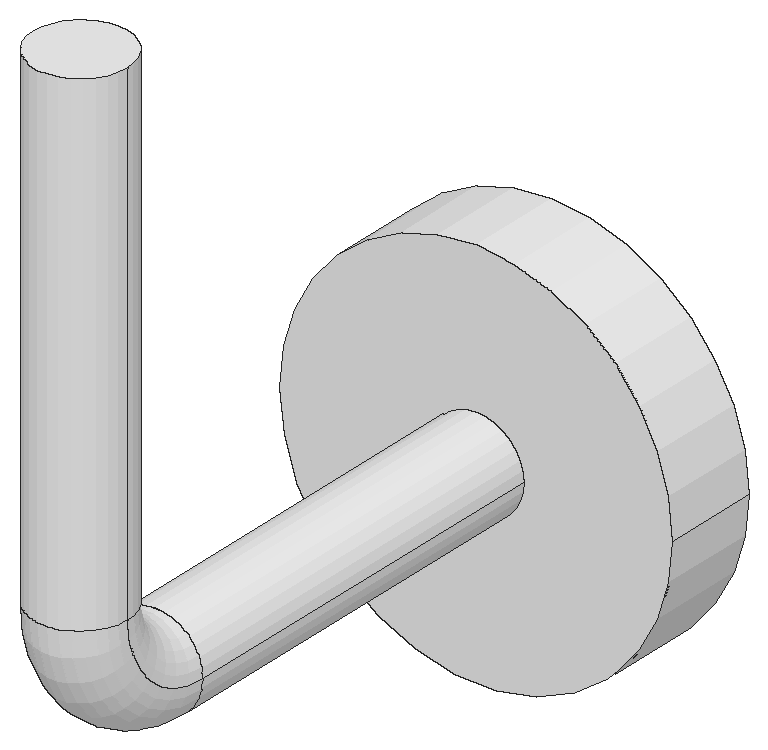
Revit family "支撐 - 金屬 - 圓形", category 支撐, Revit 2014
Parameters
  T1 = 12 mm
  支撐材料 = 鋁
  半徑 2 = 6 mm
  半徑 1 = 25 mm
  built-in parameter 1152166 = 75 mm
  高度 [instance] = 75 mm
  彎曲半徑 = 2 * 半徑 2  # 12 mm
Reference planes
  plane 1 "中心 (前/後)": y = 0
  plane 2: z = 0
  plane 3 "中心 (左/右)": x = 0
  plane 4 "高度": z = -75
  plane 5 "手部間隙": y = 75
  plane 6: y = 63
  plane 7: z = -63
  plane 8: y = 12
  plane 9: x = -25
  plane 10: x = 25
  plane 11: x = -6
  plane 12: x = 6
Forms (mm)
  Extrusion 1, solid, material "鋁" <- "支撐材料"
    sketch origin (0, 0, 0) x (1, 0, 0) y (0, 0, 1)
      loop
        circle (0, -75) r 25
    from -75 to -63
  Sweep 2, solid, material "鋁" <- "支撐材料"
    path origin (0, 0, 0) x (0, 1, 0) y (0, 0, 1)
      loop
        line (0, 0) -> (0, -63)
        arc (0, -63) -> (3.515, -71.485) -> (12, -75) r 12
        line (12, -75) -> (63, -75)
    profile origin (0, 0, -31.5) x (1, 0, 0) y (0, 1, 0)
      loop
        circle (0, 0) r 6
Lines and regions (mm)
  Masking region 1, detail levels fine
    outline origin (0, 0, 0) x (1, 0, 0) y (0, 1, 0)
      loop
        line (-25, 75) -> (-25, 63) -> (-6, 63) -> (-6, 0)
        arc (-6, 0) -> (0, -6) -> (6, 0) r 6
        line (6, 0) -> (6, 63) -> (25, 63) -> (25, 75) -> (-25, 75)
  symbolic lines, detail levels fine
    curve 1: line (-25, 75, 0) -> (25, 75, 0)
    curve 2: line (-25, 63, 0) -> (-25, 75, 0)
    curve 3: line (25, 63, 0) -> (-25, 63, 0)
    curve 4: line (25, 75, 0) -> (25, 63, 0)
    curve 5: line (-6, 63, 0) -> (-6, 0, 0)
    curve 6: line (6, 63, 0) -> (6, 0, 0)
    curve 7: arc (-6, 0, 0) -> (0, -6, 0) -> (6, 0, 0) r 6
Dimensions and locks
  "built-in parameter 1152166": plane 2 to plane 4 "高度"
  "高度": plane 5 "手部間隙" to plane 1 "中心 (前/後)"
  "T1": plane 5 "手部間隙" to plane 6
  "彎曲半徑": plane 7 to plane 4 "高度"
  "彎曲半徑": plane 8 to plane 1 "中心 (前/後)"
  equal spacing: plane 9, plane 3 "中心 (左/右)", plane 10
  "半徑 1": plane 9 to plane 3 "中心 (左/右)"
  equal spacing: plane 11, plane 3 "中心 (左/右)", plane 12
  "半徑 2": plane 11 to plane 3 "中心 (左/右)"
  "半徑 1": radius of Extrusion 1 sketch curve
  "彎曲半徑": radius of Sweep 2 sketch curve
  "半徑 2": radius of Sweep 2 sketch curve
  "半徑 2": radius of curve 7
  "半徑 2": radius of Masking region 1 sketch curve
  aligned and locked: level to plane 2
  aligned and locked: plane 3 "中心 (左/右)" to Extrusion 1 sketch curve
  aligned and locked: plane 4 "高度" to Extrusion 1 sketch curve
  aligned and locked: Extrusion 1 to plane 5 "手部間隙"
  aligned and locked: plane 6 to Extrusion 1
  aligned and locked: plane 6 to Sweep 2 sketch curve
  aligned and locked: plane 8 to Sweep 2 sketch curve  (x2)
  aligned and locked: Sweep 2 sketch curve to plane 4 "高度"
  aligned and locked: plane 2 to Sweep 2 sketch curve
  aligned and locked: Sweep 2 sketch curve to plane 1 "中心 (前/後)"
  aligned and locked: plane 7 to Sweep 2 sketch curve  (x2)
  aligned and locked: plane 3 "中心 (左/右)" to Sweep 2 sketch curve
  aligned and locked: plane 1 "中心 (前/後)" to Sweep 2 sketch curve
  aligned and locked: plane 9 to curve 2
  aligned and locked: curve 4 to plane 10
  aligned and locked: plane 5 "手部間隙" to curve 1
  aligned and locked: plane 11 to curve 5
  aligned and locked: curve 6 to plane 12
  aligned and locked: plane 1 "中心 (前/後)" to curve 6
  aligned and locked: plane 1 "中心 (前/後)" to curve 5
  aligned and locked: plane 6 to curve 6
  aligned and locked: plane 6 to curve 5
  aligned and locked: plane 3 "中心 (左/右)" to curve 7
  aligned and locked: plane 1 "中心 (前/後)" to curve 7
  aligned and locked: Masking region 1 sketch curve to plane 6  (x2)
  aligned and locked: plane 9 to Masking region 1 sketch curve
  aligned and locked: Masking region 1 sketch curve to plane 10
  aligned and locked: plane 5 "手部間隙" to Masking region 1 sketch curve
  aligned and locked: Masking region 1 sketch curve to plane 12
  aligned and locked: plane 3 "中心 (左/右)" to Masking region 1 sketch curve
  aligned and locked: plane 1 "中心 (前/後)" to Masking region 1 sketch curve
